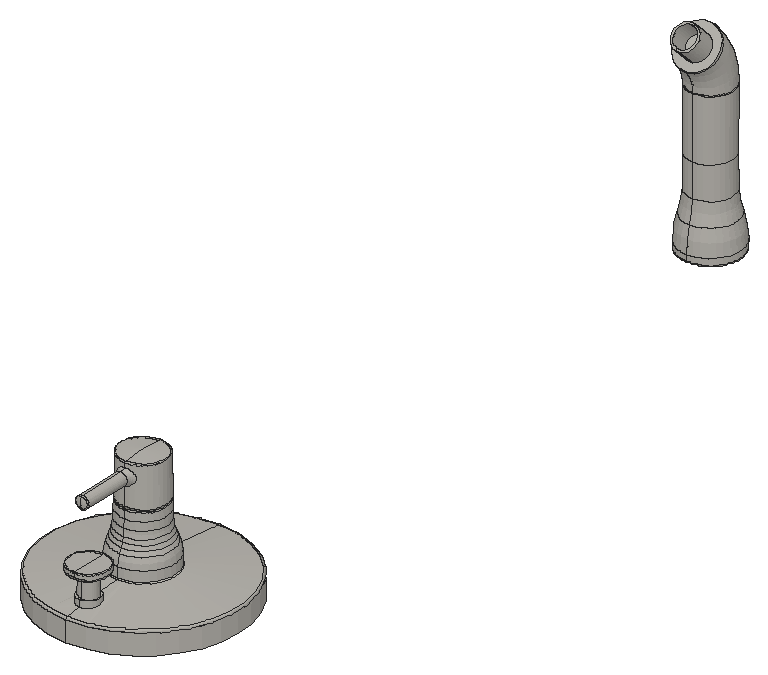
Revit family "Shower-Bath_and_Shower_Trim-KOHLER-Toobi-K-T8977", category Plumbing Fixtures, host Face, Revit 2015
Parameters (values of type "Without Showerhead-BN-Vibrant Brushed Nickel")
  Width = 6 1/2"  # constant formula
  WaterSense Certified = 1 = 1  # yes
  Waste Water Outlet = "Waste Water Outlet"  # constant formula
  Waste Connection = 1 = 0  # no
  Vent Connection = 1 = 0  # no
  URL = "https://www.us.kohler.com/us/"
  Type = 4
  Tempered Water Inlet 1 = "Tempered Water Inlet 1"  # constant formula
  Showerhead = or(Type = 1, Type = 2)  # no
  Shower distance [instance] = 24"
  Product Page URL = "http://www.us.kohler.com/us/catalog/productDetails.jsp?productNumber=T8977-4L"
  Product Name = "Toobi"  # constant formula
  Product Documentation Link = "https://www.us.kohler.com/webassets/kpna/catalog/pdf/en/K-T8977-4L_spec.pdf"
  Pressure = 80.00 psi  # constant formula
  Model = if(Type = 1, "K-T8977-4-CP", if(Type = 2, "K-T8977-4-BN", if(Type = 3, "K-T8977-4L-CP", if(Type = 4, "K-T8977-4L-BN", "NA"))))  # "K-T8977-4L-BN"
  Material = "Premium Material Construction "  # constant formula
  MasterFormat 2004 = "22.41.23"  # constant formula
  MasterFormat 1995 = "15410"  # constant formula
  Manufacturer Address = "444 Highland Dr, Kohler, WI 53044"  # constant formula
  Manufacturer = "KOHLER Co."  # constant formula
  Less Showerhead = or(Type = 3, Type = 4)  # yes
  Length [instance] = if(or(Less Showerhead), 6 15/16", 10")  # 6 15/16"
  Hot Water Inlet = "Hot Water Inlet"  # constant formula
  Height = 6 1/2"  # constant formula
  HW Connection = 1 = 1  # yes
  Flow Rate = 2 GPM  # constant formula
  Finish = Kohler-Metal-BN-Vibrant_Brushed_Nickel
  Environmental Product Declaration = ""
  Drain Included = 1 = 0  # no
  Description = if(or(Type = 1, Type = 2), "shower trim set with diverter, valve not included", if(or(Type = 3, Type = 4), "Rite-Temp shower trim set with push-button diverter, less showerhead", "NA"))  # "Rite-Temp shower trim set with push-button diverter, less showerhead"
  Default Elevation = 42"
  Declare Label = ""
  Date Modified = "3/22/2019"  # constant formula
  Date Created = "3/22/2019"  # constant formula
  Copyright = "Copyright KOHLER Co."  # constant formula
  Contact Us = "https://www.us.kohler.com/us/static/contact.jsp"
  Cold Water Inlet = "Cold Water Inlet"  # constant formula
  CW Connection = 1 = 0  # no
  Assembly Code = "D2010700"
  ADA Compliant = 1 = 0  # no
Reference planes (in)
  plane 1 "Center (Front/Back)": y = 0
  plane 2: z = 0
  plane 3 "Center (Left/Right)": x = 0
  plane 4: y = 24
  plane 5: y = 3.25
  plane 6: y = -3.25
  plane 7: y = 25
  plane 8: z = 6.9375
  plane 9: z = 6.9375
  plane 10: y = 23
  plane 11: y = 19.8125
  plane 12: y = 25
  plane 13: x = -3.25
  plane 14: x = 3.25
Dimensions and locks (in)
  "Shower distance": plane 1 "Center (Front/Back)" to plane 4
  "Height": plane 13 to plane 14
  "Width": plane 5 to plane 6
  "Length": level to plane 8
  equal spacing: plane 12, plane 4, plane 10
  locked: plane 12 to plane 10 at 2
  locked: plane 4 to plane 11 at 4.1875
  aligned and locked: plane 2 to host face
  aligned and locked: level to host face
  aligned and locked: plane 4 to nested 1
Automatic sketch dimensions
  host sketch curve to host sketch curve = 96"  (x2)
Nested families (in)
  nested 1: "K-T8977-Showerhead" at (0, 24, 0), type "K-T8975-Showerhead"
    with Showerhead no, Less Showerhead yes
  nested 2: "K-T8977-valve" at (0, 0, 0), type "K-T8975-valve"
Connectors (in)
  piping at (0, 24, 0), diameter 0.5, driven by "Flow Rate", driven by "Pressure", driven by "HW Connection", driven by "Tempered Water Inlet 1"
    settings: on nested 1, index 1, connector inside diameter 24", connector length 0", flow factor 0, pipe flow 2 GPM, pressure drop 80.00 psi, fitting loss kfactor 0, connector angle 0.00°, fixture units 0, engagement length 0", angle of deflection 0.00°, flow configuration 1, flow direction 1, fitting loss method 4, system type 19, joint type 0, gender type 0, connector reference index -1, connector utility 1, adjustable connector no, is connector primary yes, connector description "Tempered Water Inlet 1"
Definition of nested family "K-T8977-Showerhead"
  Parameters (values of type "K-T8975-Showerhead")
    Showerhead = yes
    Material = none
    Less Showerhead = no
  Reference planes (in)
    plane 1 "Center (Front/Back)": y = 0
    plane 2: z = 0
    plane 3 "Center (Left/Right)": x = 0
    plane 4: z = 6.9375
    plane 5: z = 10
    plane 6: y = -4.1875
    plane 7: y = 1
    plane 8 "a": through (0, -1.09663, 5.83259) normal (0, 0.7071, -0.7071)
    plane 9: through (0, -0.98071, 6.9375) normal (0, -0.7071, 0.7071)
    plane 10: y = -1
    plane 11: through (0, -4.1875, 10) normal (0, -0.7071, 0.7071)
    plane 12: y = -1.125
    plane 13: through (0, -1.125, 6.9375) normal (0, -0.7071, 0.7071)
  Forms (in)
    Revolve 1, solid, material <- "Material", detail levels medium+fine
      sketch origin (0, 0, 0) x (0, 1, 0) y (0, 0, 1)
        loop
          arc (0.97753, 0) -> (0.99269, 0.00622) -> (0.99912, 0.02128) r 0.0216
          arc (0.99912, 0.02128) -> (1.00032, 0.13243) -> (1.00067, 0.24359) r 14.78952
          arc (1.00067, 0.24359) -> (0.96785, 0.67096) -> (0.87059, 1.08842) r 2.81809
          arc (0.87059, 1.08842) -> (0.78286, 1.4526) -> (0.74579, 1.82536) r 2.73095
          arc (0.74579, 1.82536) -> (0.73462, 2.37844) -> (0.7348, 2.93163) r 26.93144
          arc (0.7348, 2.93163) -> (0.74304, 3.96794) -> (0.74579, 5.00427) r 195.423
          line (0.74579, 5.00427) -> (0, 5.00427) -> (0, 0) -> (0.97753, 0)
        axis (0, 5.00427) -> (0, 0)
      angle from 0 to 360
    Sweep 2, solid, material <- "Material", detail levels medium+fine
      path origin (0, 0, 0) x (0, 1, 0) y (0, 0, 1)
        loop
          line (0, 5.00427) -> (0, 5.03775)
          arc (0, 5.03775) -> (-0.13886, 5.73585) -> (-0.5343, 6.32767) r 1.82422
          line (-0.5343, 6.32767) -> (-0.56793, 6.3613)
      profile origin (0, 0, 5.02101) x (0, -1, 0) y (1, 0, 0)
        loop
          circle (0, 0) r 0.74579
    Extrusion 3, solid, material <- "Material", visible <- "Less Showerhead", detail levels medium+fine
      sketch origin (0, -3.46461, 3.46461) x (0, -0.707107, -0.707107) y (-1, 0, 0)
        loop
          circle (-4.09462, 0) r 0.44243
        loop
          circle (-4.09462, 0) r 0.37102
      from -0.69932 to 0.22831
    Extrusion 4, solid, material <- "Material", detail levels medium+fine
      sketch origin (0, 0, 0) x (1, 0, 0) y (0, 1, 0)
        loop
          circle (0, 0) r 0.25
      from 0 to 0.05
    Sweep 5, solid, material <- "Material", detail levels coarse
      path origin (0, 0, 0) x (0, 1, 0) y (0, 0, 1)
        loop
          line (0, 0) -> (0, 4.40368)
          arc (0, 4.40368) -> (-0.25489, 5.68509) -> (-0.98075, 6.77141) r 3.34847
          line (-0.98075, 6.77141) -> (-1.06377, 6.85444)
      profile origin (0, 0, 2.20184) x (0, -1, 0) y (1, 0, 0)
        loop
          circle (-0.00124, -0.00242) r 1
    Revolve 6, solid, material <- "Material", visible <- "Showerhead", detail levels medium+fine
      sketch origin (0, 0, 0) x (0, 1, 0) y (0, 0, 1)
        loop
          line (-5.37519, 8.81231) -> (-5.40723, 8.78027)
          arc (-5.40723, 8.78027) -> (-5.42492, 8.73729) -> (-5.40686, 8.69448) r 0.0604
          line (-5.40686, 8.69448) -> (-4.34663, 7.65266)
          arc (-4.34663, 7.65266) -> (-4.05904, 7.44385) -> (-3.72289, 7.32844) r 1.19996
          arc (-3.72289, 7.32844) -> (-3.35123, 7.2503) -> (-2.98396, 7.15358) r 7.55486
          arc (-2.98396, 7.15358) -> (-2.79895, 7.10428) -> (-2.61194, 7.06323) r 4.31326
          arc (-2.61194, 7.06323) -> (-2.32668, 6.96839) -> (-2.07444, 6.80487) r 1.18572
          arc (-2.07444, 6.80487) -> (-2.04713, 6.79551) -> (-2.0207, 6.8071) r 0.03971
          arc (-2.0207, 6.8071) -> (-1.91421, 6.91279) -> (-1.80691, 7.01767) r 19.76197
          arc (-1.80691, 7.01767) -> (-1.75154, 7.01364) -> (-1.69609, 7.0164) r 0.45372
          arc (-1.69609, 7.0164) -> (-1.63288, 6.98873) -> (-1.62524, 6.92015) r 0.069
          arc (-1.62524, 6.92015) -> (-1.64055, 6.79332) -> (-1.58327, 6.67912) r 0.22153
          arc (-1.58327, 6.67912) -> (-1.52892, 6.62257) -> (-1.47366, 6.56692) r 4.80756
          arc (-1.47366, 6.56692) -> (-1.51666, 6.52522) -> (-1.54457, 6.47222) r 0.19009
          line (-1.54457, 6.47222) -> (-1.59235, 6.33101) -> (-1.09528, 5.83394) -> (-0.56793, 6.3613) -> (-3.09815, 8.89152) -> (-4.27627, 7.7134) -> (-5.37519, 8.81231)
        axis (-0.56793, 6.3613) -> (-4.19707, 9.99043)
      angle from 0 to 360
    Extrusion 7, void, detail levels medium+fine
      sketch origin (0, -3.54195, 3.38727) x (0, -0.707107, -0.707107) y (-1, 0, 0)
        loop
          circle (-4.21439, 0.04675) r 0.14112
        loop
          circle (-4.21439, -0.45325) r 0.14112
        loop
          circle (-4.21439, -0.95325) r 0.14112
        loop
          circle (-4.21439, 0.54675) r 0.14112
        loop
          circle (-4.21439, 1.04675) r 0.14112
        loop
          circle (-4.62822, -0.45325) r 0.14112
        loop
          circle (-4.62822, -0.95325) r 0.14112
        loop
          circle (-4.62822, 0.54675) r 0.14112
        loop
          circle (-4.62822, 1.04675) r 0.14112
        loop
          circle (-5.12822, -0.45325) r 0.14112
        loop
          circle (-5.12822, 0.54675) r 0.14112
        loop
          circle (-3.78858, -0.45325) r 0.14112
        loop
          circle (-3.78858, -0.95325) r 0.14112
        loop
          circle (-3.78858, 0.54675) r 0.14112
        loop
          circle (-3.78858, 1.04675) r 0.14112
        loop
          circle (-3.3385, -0.50055) r 0.14112
        loop
          circle (-3.3385, 0.49945) r 0.14112
        loop
          circle (-4.59127, 0.04675) r 0.14112
        loop
          circle (-5.09127, 0.04675) r 0.14112
        loop
          circle (-3.7514, 0.04675) r 0.14112
        loop
          circle (-3.2973, 0.04675) r 0.14112
        loop
          circle (-2.99613, -0.50055) r 0.14112
        loop
          circle (-2.99613, 0.49945) r 0.14112
        loop
          circle (-2.95492, 0.04675) r 0.14112
        loop
          circle (-5.55427, -0.41122) r 0.14112
        loop
          circle (-5.55427, 0.58878) r 0.14112
        loop
          circle (-5.51307, 0.13608) r 0.14112
      from -4.64839 to -3.20044
    Revolve 8, solid, material <- "Material", visible <- "Showerhead", detail levels coarse
      sketch origin (0, 0, 0) x (0, 1, 0) y (0, 0, 1)
        loop
          line (-1.17056, 5.74304) -> (-0.56012, 6.35348) -> (-4.19707, 9.99043) -> (-5.37519, 8.81231) -> (-5.40723, 8.78027)
          arc (-5.40723, 8.78027) -> (-5.42492, 8.73729) -> (-5.40686, 8.69448) r 0.0604
          line (-5.40686, 8.69448) -> (-4.34663, 7.65266)
          arc (-4.34663, 7.65266) -> (-4.05904, 7.44385) -> (-3.72289, 7.32844) r 1.19996
          arc (-3.72289, 7.32844) -> (-3.35123, 7.2503) -> (-2.98396, 7.15358) r 7.55486
          arc (-2.98396, 7.15358) -> (-2.25439, 6.80633) -> (-1.67287, 6.24534) r 2.51099
          line (-1.67287, 6.24534) -> (-1.17056, 5.74304)
        axis (-4.19707, 9.99043) -> (-0.56012, 6.35348)
      angle from 0 to 360
  Cuts and joins
    joined: Revolve 1, Sweep 2
    Extrusion 7 cuts Revolve 6
    Extrusion 7 cuts Extrusion 3
  Lines and regions (in)
    Masking region 1, visible <- "Less Showerhead"
      outline origin (0, 0, 0) x (1, 0, 0) y (0, 1, 0)
        loop
          spline (0.44258, -0.99373) -> (0.47737, -0.97445) -> (0.51047, -0.95374) -> (0.54179, -0.93168) -> (0.5712, -0.90835) -> (0.5986, -0.88382) -> (0.62391, -0.8582) -> (0.64702, -0.83155) -> (0.66785, -0.80399) -> (0.68634, -0.7756) -> (0.70243, -0.74648) -> (0.71604, -0.71675) -> (0.72714, -0.68649)
          arc (0.72714, -0.68649) -> (0, 1) -> (-0.72714, -0.68649) r 1
          spline (-0.72714, -0.68649) -> (-0.71604, -0.71675) -> (-0.70243, -0.74648) -> (-0.68634, -0.7756) -> (-0.66785, -0.80399) -> (-0.64702, -0.83155) -> (-0.62391, -0.8582) -> (-0.5986, -0.88382) -> (-0.5712, -0.90835) -> (-0.54179, -0.93168) -> (-0.51047, -0.95374) -> (-0.47737, -0.97445) -> (-0.44258, -0.99373)
          line (-0.44258, -0.99373) -> (-0.44258, -1.05423)
          arc (-0.44258, -1.05423) -> (-0.41311, -1.17665) -> (-0.33114, -1.27223) r 0.26893
          arc (-0.33114, -1.27223) -> (-0.174, -1.35116) -> (0, -1.37662) r 0.55144
          arc (0, -1.37662) -> (0.174, -1.35116) -> (0.33114, -1.27223) r 0.55144
          arc (0.33114, -1.27223) -> (0.41311, -1.17665) -> (0.44258, -1.05423) r 0.26893
          line (0.44258, -1.05423) -> (0.44258, -0.99373)
    Masking region 2, visible <- "Less Showerhead"
      outline origin (0, 0, 0) x (1, 0, 0) y (0, 1, 0)
        loop
          spline (-0.44243, -1.06377) -> (-0.43864, -1.10461) -> (-0.42735, -1.14474) -> (-0.40875, -1.18349) -> (-0.38315, -1.22019) -> (-0.351, -1.25422) -> (-0.31284, -1.28499) -> (-0.26933, -1.31197) -> (-0.22121, -1.3347) -> (-0.16931, -1.3528) -> (-0.11451, -1.36596) -> (-0.05775, -1.37394) -> (0, -1.37662)
          spline (0, -1.37662) -> (0.05775, -1.37394) -> (0.11451, -1.36596) -> (0.16931, -1.3528) -> (0.22121, -1.3347) -> (0.26933, -1.31197) -> (0.31284, -1.28499) -> (0.351, -1.25422) -> (0.38315, -1.22019) -> (0.40875, -1.18349) -> (0.42735, -1.14474) -> (0.43864, -1.10461) -> (0.44243, -1.06377)
          line (0.44243, -1.06377) -> (0.44243, -0.44338)
          spline (0.44243, -0.44338) -> (0.42735, -0.36241) -> (0.38315, -0.28696) -> (0.31284, -0.22217) -> (0.22121, -0.17245) -> (0.11451, -0.1412) -> (0, -0.13054) -> (-0.11451, -0.1412) -> (-0.22121, -0.17245) -> (-0.31284, -0.22217) -> (-0.38315, -0.28696) -> (-0.42735, -0.36241) -> (-0.44243, -0.44338)
          line (-0.44243, -0.44338) -> (-0.44243, -1.06377)
    Masking region 3, visible <- "Less Showerhead"
      outline origin (0, 0, 0) x (0, 1, 0) y (0, 0, 1)
        loop
          line (-0.82307, 7.23943) -> (-1.44876, 6.61374) -> (-0.88212, 6.0471) -> (-1.10049, 5.82874)
          arc (-1.10049, 5.82874) -> (-0.84386, 5.4515) -> (-0.7536, 5.00427) r 1.15324
          arc (-0.7536, 5.00427) -> (-0.75086, 3.96794) -> (-0.74261, 2.93163) r 195.423
          arc (-0.74261, 2.93163) -> (-0.74243, 2.37844) -> (-0.7536, 1.82536) r 26.93144
          arc (-0.7536, 1.82536) -> (-0.77537, 1.45374) -> (-0.86901, 1.09346) r 1.90448
          arc (-0.86901, 1.09346) -> (-0.96526, 0.7409) -> (-1, 0.37709) r 2.13608
          arc (-1, 0.37709) -> (-1.00063, 0.19918) -> (-0.99912, 0.02128) r 14.78952
          arc (-0.99912, 0.02128) -> (-0.99269, 0.00622) -> (-0.97753, 0) r 0.0216
          line (-0.97753, 0) -> (0, 0) -> (0.97753, 0)
          arc (0.97753, 0) -> (0.99269, 0.00622) -> (0.99912, 0.02128) r 0.0216
          arc (0.99912, 0.02128) -> (1.00063, 0.19918) -> (1, 0.37709) r 14.78952
          arc (1, 0.37709) -> (0.96527, 0.7408) -> (0.86907, 1.09328) r 2.13608
          arc (0.86907, 1.09328) -> (0.77542, 1.45366) -> (0.7536, 1.82536) r 1.90624
          arc (0.7536, 1.82536) -> (0.74243, 2.37844) -> (0.74261, 2.93163) r 26.93144
          arc (0.74261, 2.93163) -> (0.7505, 3.90234) -> (0.75356, 4.87307) r 195.423
          arc (0.75356, 4.87307) -> (0.75031, 5.04393) -> (0.74032, 5.21453) r 4.33484
          arc (0.74032, 5.21453) -> (0.5058, 6.12415) -> (-0.04192, 6.8873) r 2.55208
          line (-0.04192, 6.8873) -> (-0.25643, 6.67279) -> (-0.82307, 7.23943)
    Masking region 4, visible <- "Less Showerhead"
      outline origin (0, 0, 0) x (1, 0, 0) y (0, 0, 1)
        loop
          spline (0.43312, 6.79061) -> (0.44173, 6.83683) -> (0.44052, 6.88345) -> (0.42953, 6.92942) -> (0.409, 6.97373) -> (0.37938, 7.01539) -> (0.34134, 7.05347) -> (0.29571, 7.08714) -> (0.24352, 7.11563) -> (0.18592, 7.13832) -> (0.12418, 7.15471) -> (0.05969, 7.16442) -> (-0.00613, 7.16725)
          spline (-0.00613, 7.16725) -> (-0.0708, 7.16325) -> (-0.13395, 7.1526) -> (-0.19421, 7.13553) -> (-0.2503, 7.11241) -> (-0.30099, 7.08373) -> (-0.3452, 7.05011) -> (-0.38198, 7.01228) -> (-0.41054, 6.97106) -> (-0.43025, 6.92732) -> (-0.44071, 6.88201) -> (-0.44167, 6.83611) -> (-0.43312, 6.79061)
          spline (-0.43312, 6.79061) -> (-0.47983, 6.76501) -> (-0.52353, 6.73688) -> (-0.56394, 6.70638) -> (-0.60082, 6.67373) -> (-0.63391, 6.63911) -> (-0.66303, 6.60274) -> (-0.68799, 6.56486) -> (-0.70862, 6.52571) -> (-0.72481, 6.48552) -> (-0.73644, 6.44454) -> (-0.74345, 6.40305) -> (-0.74579, 6.3613)
          line (-0.74579, 6.3613) -> (-0.74579, 5.00427)
          arc (-0.74579, 5.00427) -> (-0.74304, 3.96794) -> (-0.7348, 2.93163) r 195.423
          arc (-0.7348, 2.93163) -> (-0.73462, 2.37844) -> (-0.74579, 1.82536) r 26.93144
          arc (-0.74579, 1.82536) -> (-0.78286, 1.4526) -> (-0.87059, 1.08842) r 2.73095
          arc (-0.87059, 1.08842) -> (-0.96785, 0.67096) -> (-1.00067, 0.24359) r 2.81809
          arc (-1.00067, 0.24359) -> (-1.00032, 0.13243) -> (-0.99912, 0.02128) r 14.78952
          arc (-0.99912, 0.02128) -> (-0.99269, 0.00622) -> (-0.97753, 0) r 0.0216
          line (-0.97753, 0) -> (0, 0) -> (0.97753, 0)
          arc (0.97753, 0) -> (0.99269, 0.00622) -> (0.99912, 0.02128) r 0.0216
          arc (0.99912, 0.02128) -> (1.00032, 0.13243) -> (1.00067, 0.24359) r 14.78952
          arc (1.00067, 0.24359) -> (0.96785, 0.67096) -> (0.87059, 1.08842) r 2.81809
          arc (0.87059, 1.08842) -> (0.78286, 1.4526) -> (0.74579, 1.82536) r 2.73095
          arc (0.74579, 1.82536) -> (0.73462, 2.37844) -> (0.7348, 2.93163) r 26.93144
          arc (0.7348, 2.93163) -> (0.74304, 3.96794) -> (0.74579, 5.00427) r 195.423
          line (0.74579, 5.00427) -> (0.74579, 6.3613)
          spline (0.74579, 6.3613) -> (0.74345, 6.40305) -> (0.73644, 6.44454) -> (0.72481, 6.48552) -> (0.70862, 6.52571) -> (0.68799, 6.56486) -> (0.66303, 6.60274) -> (0.63391, 6.63911) -> (0.60082, 6.67373) -> (0.56394, 6.70638) -> (0.52353, 6.73688) -> (0.47983, 6.76501) -> (0.43312, 6.79061)
    Masking region 5, visible <- "Showerhead"
      outline origin (0, 0, 0) x (0, 1, 0) y (0, 0, 1)
        loop
          line (-1.08758, 5.82354) -> (-1.59303, 6.32899) -> (-1.54457, 6.47222)
          arc (-1.54457, 6.47222) -> (-1.51666, 6.52522) -> (-1.47366, 6.56692) r 0.19009
          arc (-1.47366, 6.56692) -> (-1.52892, 6.62257) -> (-1.58327, 6.67912) r 4.80756
          arc (-1.58327, 6.67912) -> (-1.64055, 6.79332) -> (-1.62524, 6.92015) r 0.22153
          arc (-1.62524, 6.92015) -> (-1.63288, 6.98873) -> (-1.69609, 7.0164) r 0.069
          arc (-1.69609, 7.0164) -> (-1.75154, 7.01364) -> (-1.80691, 7.01767) r 0.45372
          arc (-1.80691, 7.01767) -> (-1.91421, 6.91279) -> (-2.0207, 6.8071) r 19.76197
          arc (-2.0207, 6.8071) -> (-2.04713, 6.79551) -> (-2.07444, 6.80487) r 0.03971
          arc (-2.07444, 6.80487) -> (-2.32668, 6.96839) -> (-2.61194, 7.06323) r 1.18572
          arc (-2.61194, 7.06323) -> (-2.79895, 7.10428) -> (-2.98396, 7.15358) r 4.31326
          arc (-2.98396, 7.15358) -> (-3.35123, 7.2503) -> (-3.72289, 7.32844) r 7.55486
          arc (-3.72289, 7.32844) -> (-4.05904, 7.44385) -> (-4.34663, 7.65266) r 1.19996
          line (-4.34663, 7.65266) -> (-5.40686, 8.69448)
          arc (-5.40686, 8.69448) -> (-5.42492, 8.73729) -> (-5.40723, 8.78027) r 0.0604
          line (-5.40723, 8.78027) -> (-2.9869, 11.2006)
          arc (-2.9869, 11.2006) -> (-2.94393, 11.21829) -> (-2.90111, 11.20022) r 0.0604
          line (-2.90111, 11.20022) -> (-1.8593, 10.14)
          arc (-1.8593, 10.14) -> (-1.65049, 9.8524) -> (-1.53507, 9.51626) r 1.19996
          arc (-1.53507, 9.51626) -> (-1.45693, 9.14459) -> (-1.36021, 8.77733) r 7.55486
          arc (-1.36021, 8.77733) -> (-1.31091, 8.59232) -> (-1.26986, 8.40531) r 4.31326
          arc (-1.26986, 8.40531) -> (-1.17503, 8.12005) -> (-1.0115, 7.8678) r 1.18572
          arc (-1.0115, 7.8678) -> (-1.00214, 7.8405) -> (-1.01374, 7.81407) r 0.03971
          arc (-1.01374, 7.81407) -> (-1.11943, 7.70757) -> (-1.2243, 7.60028) r 19.76197
          arc (-1.2243, 7.60028) -> (-1.22027, 7.54491) -> (-1.22303, 7.48946) r 0.45372
          arc (-1.22303, 7.48946) -> (-1.19536, 7.42625) -> (-1.12679, 7.41861) r 0.069
          arc (-1.12679, 7.41861) -> (-0.99995, 7.43392) -> (-0.88575, 7.37664) r 0.22153
          arc (-0.88575, 7.37664) -> (-0.8292, 7.32229) -> (-0.77355, 7.26702) r 4.80756
          arc (-0.77355, 7.26702) -> (-0.73186, 7.31003) -> (-0.67885, 7.33793) r 0.19009
          line (-0.67885, 7.33793) -> (-0.53562, 7.3864) -> (0.00086, 6.84992)
        loop
          arc (-0.0014, 6.84767) -> (0.51766, 6.09841) -> (0.74032, 5.21453) r 2.55208
          arc (0.74032, 5.21453) -> (0.75031, 5.04393) -> (0.75356, 4.87307) r 4.33484
          arc (0.75356, 4.87307) -> (0.7505, 3.90234) -> (0.74261, 2.93163) r 195.423
          arc (0.74261, 2.93163) -> (0.74243, 2.37844) -> (0.7536, 1.82536) r 26.93144
          arc (0.7536, 1.82536) -> (0.77542, 1.45366) -> (0.86907, 1.09328) r 1.90624
          arc (0.86907, 1.09328) -> (0.96527, 0.7408) -> (1, 0.37709) r 2.13608
          arc (1, 0.37709) -> (1.00063, 0.19918) -> (0.99912, 0.02128) r 14.78952
          arc (0.99912, 0.02128) -> (0.99269, 0.00622) -> (0.97753, 0) r 0.0216
          line (0.97753, 0) -> (0, 0) -> (-0.97753, 0)
          arc (-0.97753, 0) -> (-0.99269, 0.00622) -> (-0.99912, 0.02128) r 0.0216
          arc (-0.99912, 0.02128) -> (-1.00063, 0.19918) -> (-1, 0.37709) r 14.78952
          arc (-1, 0.37709) -> (-0.96526, 0.7409) -> (-0.86901, 1.09346) r 2.13608
          arc (-0.86901, 1.09346) -> (-0.77537, 1.45374) -> (-0.7536, 1.82536) r 1.90448
          arc (-0.7536, 1.82536) -> (-0.74243, 2.37844) -> (-0.74261, 2.93163) r 26.93144
          arc (-0.74261, 2.93163) -> (-0.75086, 3.96794) -> (-0.7536, 5.00427) r 195.423
          arc (-0.7536, 5.00427) -> (-0.84139, 5.4456) -> (-1.09138, 5.81973) r 1.15324
    Masking region 6, visible <- "Showerhead"
      outline origin (0, 0, 0) x (1, 0, 0) y (0, 0, 1)
        loop
          spline (0.74579, 6.89545) -> (0.74368, 6.91243) -> (0.7408, 6.92935) -> (0.73715, 6.9462) -> (0.73273, 6.96295) -> (0.72756, 6.97959) -> (0.72162, 6.99611) -> (0.71494, 7.01249) -> (0.70751, 7.0287) -> (0.69935, 7.04474) -> (0.69046, 7.06058) -> (0.68085, 7.07621) -> (0.67054, 7.09161)
          arc (0.67054, 7.09161) -> (0.73177, 7.20651) -> (0.75922, 7.33377) r 0.47117
          arc (0.75922, 7.33377) -> (0.89252, 7.44969) -> (1.01762, 7.5744) r 2.59546
          arc (1.01762, 7.5744) -> (1.15774, 7.69541) -> (1.29707, 7.81732) r 28.43463
          arc (1.29707, 7.81732) -> (1.56183, 8.17053) -> (1.72107, 8.58224) r 1.61493
          arc (1.72107, 8.58224) -> (1.75364, 8.77979) -> (1.75894, 8.97993) r 1.46246
          arc (1.75894, 8.97993) -> (1.77274, 9.48987) -> (1.77014, 10) r 15.8572
          arc (1.77014, 10) -> (1.67558, 10.38959) -> (1.42602, 10.70333) r 0.93136
          arc (1.42602, 10.70333) -> (-0.00253, 11.21022) -> (-1.43109, 10.70333) r 2.2665
          arc (-1.43109, 10.70333) -> (-1.67704, 10.38851) -> (-1.77014, 10) r 0.94058
          arc (-1.77014, 10) -> (-1.77274, 9.48987) -> (-1.75894, 8.97993) r 15.8572
          arc (-1.75894, 8.97993) -> (-1.75364, 8.77979) -> (-1.72107, 8.58224) r 1.46246
          arc (-1.72107, 8.58224) -> (-1.56183, 8.17053) -> (-1.29707, 7.81732) r 1.61493
          arc (-1.29707, 7.81732) -> (-1.15774, 7.69541) -> (-1.01762, 7.5744) r 28.43463
          arc (-1.01762, 7.5744) -> (-0.89176, 7.44898) -> (-0.75761, 7.33247) r 2.59546
          arc (-0.75761, 7.33247) -> (-0.731, 7.2065) -> (-0.66915, 7.09359) r 0.44109
          spline (-0.66915, 7.09359) -> (-0.67967, 7.07805) -> (-0.68946, 7.06227) -> (-0.69852, 7.04628) -> (-0.70683, 7.03009) -> (-0.7144, 7.01372) -> (-0.72121, 6.99718) -> (-0.72726, 6.98049) -> (-0.73253, 6.96367) -> (-0.73702, 6.94674) -> (-0.74073, 6.92971) -> (-0.74366, 6.91261) -> (-0.74579, 6.89545)
          line (-0.74579, 6.89545) -> (-0.74579, 6.35995) -> (-0.74579, 5.00427)
          arc (-0.74579, 5.00427) -> (-0.74304, 3.96794) -> (-0.7348, 2.93163) r 195.423
          arc (-0.7348, 2.93163) -> (-0.73462, 2.37844) -> (-0.74579, 1.82536) r 26.93144
          arc (-0.74579, 1.82536) -> (-0.78286, 1.4526) -> (-0.87059, 1.08842) r 2.73095
          arc (-0.87059, 1.08842) -> (-0.96785, 0.67096) -> (-1.00067, 0.24359) r 2.81809
          arc (-1.00067, 0.24359) -> (-1.00032, 0.13243) -> (-0.99912, 0.02128) r 14.78952
          arc (-0.99912, 0.02128) -> (-0.99269, 0.00622) -> (-0.97753, 0) r 0.0216
          line (-0.97753, 0) -> (0, 0) -> (0.97753, 0)
          arc (0.97753, 0) -> (0.99269, 0.00622) -> (0.99912, 0.02128) r 0.0216
          arc (0.99912, 0.02128) -> (1.00032, 0.13243) -> (1.00067, 0.24359) r 14.78952
          arc (1.00067, 0.24359) -> (0.96785, 0.67096) -> (0.87059, 1.08842) r 2.81809
          arc (0.87059, 1.08842) -> (0.78286, 1.4526) -> (0.74579, 1.82536) r 2.73095
          arc (0.74579, 1.82536) -> (0.73462, 2.37844) -> (0.7348, 2.93163) r 26.93144
          arc (0.7348, 2.93163) -> (0.74304, 3.96794) -> (0.74579, 5.00427) r 195.423
          line (0.74579, 5.00427) -> (0.74579, 6.35995) -> (0.74579, 6.89545)
    Masking region 7, visible <- "Showerhead"
      outline origin (0, 0, 0) x (1, 0, 0) y (0, 1, 0)
        loop
          line (0.74579, -1) -> (0.74579, -0.66618)
          arc (0.74579, -0.66618) -> (0, 1) -> (-0.74579, -0.66618) r 1
          line (-0.74579, -0.66618) -> (-0.74579, -1)
          arc (-0.74579, -1) -> (-0.73673, -1.15676) -> (-0.6702, -1.29898) r 0.41585
          arc (-0.6702, -1.29898) -> (-0.72766, -1.41109) -> (-0.7557, -1.5339) r 0.50699
          arc (-0.7557, -1.5339) -> (-0.86156, -1.62595) -> (-0.9595, -1.72637) r 1.70605
          arc (-0.9595, -1.72637) -> (-1.00961, -1.77864) -> (-1.06302, -1.82752) r 1.11053
          arc (-1.06302, -1.82752) -> (-1.08369, -1.84571) -> (-1.10535, -1.86271) r 0.49188
          arc (-1.10535, -1.86271) -> (-1.14967, -1.89656) -> (-1.19296, -1.93172) r 1.8791
          arc (-1.19296, -1.93172) -> (-1.60923, -2.47056) -> (-1.76142, -3.13424) r 1.58722
          line (-1.76142, -3.13424) -> (-1.76654, -3.68752) -> (-1.77001, -4.06369)
          arc (-1.77001, -4.06369) -> (-1.56269, -4.75287) -> (-1.00113, -5.20299) r 1.21199
          arc (-1.00113, -5.20299) -> (-0.51382, -5.37349) -> (0, -5.4239) r 2.1674
          arc (0, -5.4239) -> (0.51382, -5.37349) -> (1.00113, -5.20299) r 2.1674
          arc (1.00113, -5.20299) -> (1.56269, -4.75287) -> (1.77001, -4.06369) r 1.21199
          line (1.77001, -4.06369) -> (1.76654, -3.68752) -> (1.76142, -3.13424)
          arc (1.76142, -3.13424) -> (1.60923, -2.47056) -> (1.19296, -1.93172) r 1.58722
          arc (1.19296, -1.93172) -> (1.14967, -1.89656) -> (1.10535, -1.86271) r 1.8791
          arc (1.10535, -1.86271) -> (1.08369, -1.84571) -> (1.06302, -1.82752) r 0.49188
          arc (1.06302, -1.82752) -> (1.00961, -1.77864) -> (0.9595, -1.72637) r 1.11053
          arc (0.9595, -1.72637) -> (0.86156, -1.62595) -> (0.7557, -1.5339) r 1.70605
          arc (0.7557, -1.5339) -> (0.72766, -1.41109) -> (0.6702, -1.29898) r 0.50699
          arc (0.6702, -1.29898) -> (0.73673, -1.15676) -> (0.74579, -1) r 0.41585
    symbolic lines, detail levels medium+fine
      curve 1: line (0, 0.98191, 0.37709) -> (0, -0.98191, 0.37709)
      curve 2: line (0, 0.74579, 1.82536) -> (0, -0.74579, 1.82536)
      curve 3: line (1.00067, 0, 0.24359) -> (-1.00067, 0, 0.24359)
      curve 4: line (0.79189, 0, 1.40215) -> (-0.79189, 0, 1.40215)
      curve 5: spline (0, -0.04192, 0) -> (-0.09735, -0.04644, 0) -> (-0.19303, -0.05989, 0) -> (-0.2854, -0.08207, 0) -> (-0.3729, -0.11258, 0) -> (-0.45401, -0.1509, 0) -> (-0.52735, -0.19638, 0) -> (-0.59168, -0.24824, 0) -> (-0.64587, -0.3056, 0) -> (-0.68902, -0.36747, 0) -> (-0.72038, -0.43279, 0) -> (-0.73941, -0.50044, 0) -> (-0.74579, -0.56928, 0)
      curve 6: spline (0.74579, -0.56928, 0) -> (0.73941, -0.50044, 0) -> (0.72038, -0.43279, 0) -> (0.68902, -0.36747, 0) -> (0.64587, -0.3056, 0) -> (0.59168, -0.24824, 0) -> (0.52735, -0.19638, 0) -> (0.45401, -0.1509, 0) -> (0.3729, -0.11258, 0) -> (0.2854, -0.08207, 0) -> (0.19303, -0.05989, 0) -> (0.09735, -0.04644, 0) -> (0, -0.04192, 0)
      curve 7: line (0.74579, -0.56928, 0) -> (0.74579, 0, 0)
      curve 8: line (-0.74579, -0.56928, 0) -> (-0.77563, 0, 0)
      curve 33: arc (0.74579, 0, 0) -> (-0.01492, 0.76071, 0) -> (-0.77563, 0, 0) r 0.76071
      curve 60: line (0.74579, -0.56928, 0) -> (0.74579, -0.66618, 0)
      curve 61: line (-0.74579, -0.56928, 0) -> (-0.74579, -0.66618, 0)
    symbolic lines, visible <- "Less Showerhead", detail levels medium+fine
      curve 9: spline (0, -1.32613, 0) -> (-0.09603, -1.31719, 0) -> (-0.18551, -1.29098, 0) -> (-0.26235, -1.24928, 0) -> (-0.32132, -1.19495, 0) -> (-0.35838, -1.13167, 0) -> (-0.37102, -1.06377, 0) -> (-0.35838, -0.99587, 0) -> (-0.32132, -0.93259, 0) -> (-0.26235, -0.87826, 0) -> (-0.18551, -0.83657, 0) -> (-0.09603, -0.81036, 0) -> (0, -0.80142, 0)
      curve 10: spline (0, -0.80142, 0) -> (0.09603, -0.81036, 0) -> (0.18551, -0.83657, 0) -> (0.26235, -0.87826, 0) -> (0.32132, -0.93259, 0) -> (0.35838, -0.99587, 0) -> (0.37102, -1.06377, 0) -> (0.35838, -1.13167, 0) -> (0.32132, -1.19495, 0) -> (0.26235, -1.24928, 0) -> (0.18551, -1.29098, 0) -> (0.09603, -1.31719, 0) -> (0, -1.32613, 0)
      curve 11: line (0, -0.32997, 6.74633) -> (0, -0.95566, 6.12064)
      curve 12: line (0, -0.42562, 6.84198) -> (0, -1.05131, 6.21629)
      curve 13: line (0, -0.52114, 6.9375) -> (0, -1.14683, 6.31181)
      curve 14: line (0, -0.61201, 7.02836) -> (0, -1.2377, 6.40268)
      curve 62: line (0, -0.88212, 6.0471) -> (0, -0.25643, 6.67279)
      curve 63: arc (-0.27556, 0, 6.84935) -> (0.04672, 0, 6.88776) -> (0.36387, 0, 6.81885) r 0.98035
      curve 64: arc (-0.43312, 0, 6.79061) -> (-0.3554, 0, 6.82281) -> (-0.27556, 0, 6.84935) r 1.16952
      curve 65: arc (0.36387, 0, 6.81885) -> (0.39854, 0, 6.80485) -> (0.43312, 0, 6.79061) r 5.37977
    symbolic lines, visible <- "Showerhead", detail levels medium+fine
      curve 15: line (0, -0.77355, 7.26702) -> (0, -1.47366, 6.56692)
      curve 16: line (0, -1.12679, 7.41861) -> (0, -1.62524, 6.92015)
      curve 17: line (0, -1.22303, 7.48946) -> (0, -1.69609, 7.0164)
      curve 18: line (0, -1.80691, 7.01767) -> (0, -1.2243, 7.60028)
      curve 19: line (0, -1.8593, 10.14) -> (0, -4.34663, 7.65266)
      curve 20: line (0, -0.53562, 7.3864) -> (0, -1.59303, 6.32899)
      curve 21: line (0, -1.22856, 7.16556) -> (0, -1.05179, 6.98879)
      curve 22: line (0, -1.19542, 6.84515) -> (0, -1.37219, 7.02193)
      curve 23: arc (0, -1.37219, 7.02193) -> (0, -1.37219, 7.16556) -> (0, -1.22856, 7.16556) r 0.10156
      curve 24: line (0, -1.28381, 6.93354) -> (0, -1.56131, 6.65604)
      curve 25: line (0, -1.14018, 7.07717) -> (0, -0.86268, 7.35467)
      curve 26: spline (0.67054, 0, 7.09161) -> (0.63703, 0, 7.1345) -> (0.59806, 0, 7.17501) -> (0.55395, 0, 7.2128) -> (0.50508, 0, 7.24754) -> (0.45187, 0, 7.27892) -> (0.39478, 0, 7.30669) -> (0.3343, 0, 7.33061) -> (0.27096, 0, 7.35046) -> (0.20528, 0, 7.36608) -> (0.13784, 0, 7.37734) -> (0.06922, 0, 7.38413) -> (0, 0, 7.3864)
      curve 27: spline (0, 0, 7.3864) -> (-0.06896, 0, 7.38415) -> (-0.13733, 0, 7.3774) -> (-0.20453, 0, 7.36623) -> (-0.26999, 0, 7.35073) -> (-0.33314, 0, 7.33102) -> (-0.39346, 0, 7.30728) -> (-0.45042, 0, 7.2797) -> (-0.50354, 0, 7.24853) -> (-0.55237, 0, 7.21402) -> (-0.5965, 0, 7.17648) -> (-0.63553, 0, 7.13622) -> (-0.66915, 0, 7.09359)
      curve 28: spline (0, 0, 7.60028) -> (-0.05377, 0, 7.59779) -> (-0.10662, 0, 7.59035) -> (-0.15765, 0, 7.5781) -> (-0.20598, 0, 7.56125) -> (-0.25079, 0, 7.54008) -> (-0.2913, 0, 7.51496) -> (-0.32683, 0, 7.48631) -> (-0.35677, 0, 7.45463) -> (-0.38061, 0, 7.42045) -> (-0.39793, 0, 7.38437) -> (-0.40844, 0, 7.347) -> (-0.41196, 0, 7.30898)
      curve 29: spline (0.41196, 0, 7.30898) -> (0.40844, 0, 7.347) -> (0.39793, 0, 7.38437) -> (0.38061, 0, 7.42045) -> (0.35677, 0, 7.45463) -> (0.32683, 0, 7.48631) -> (0.2913, 0, 7.51496) -> (0.25079, 0, 7.54008) -> (0.20598, 0, 7.56125) -> (0.15765, 0, 7.5781) -> (0.10662, 0, 7.59035) -> (0.05377, 0, 7.59779) -> (0, 0, 7.60028)
      curve 30: arc (0.3361, 0, 7.32997) -> (-0.00008, 0, 7.43679) -> (-0.33625, 0, 7.32992) r 0.58229
      curve 31: arc (0.41457, 0, 7.29769) -> (0.41262, 0, 7.30318) -> (0.41196, 0, 7.30898) r 0.02576
      curve 32: arc (-0.41196, 0, 7.30898) -> (-0.41216, 0, 7.30375) -> (-0.41274, 0, 7.29855) r 0.07061
      curve 34: spline (0, -0.53562, 0) -> (-0.12675, -0.54327, 0) -> (-0.24984, -0.56601, 0) -> (-0.36569, -0.60317, 0) -> (-0.47095, -0.65368, 0) -> (-0.56258, -0.71608, 0) -> (-0.63793, -0.78855, 0) -> (-0.69481, -0.86902, 0) -> (-0.73158, -0.95513, 0) -> (-0.74717, -1.0444, 0) -> (-0.74113, -1.13426, 0) -> (-0.71364, -1.22208, 0) -> (-0.66549, -1.30535, 0)
      curve 35: spline (0.66549, -1.30535, 0) -> (0.71364, -1.22208, 0) -> (0.74113, -1.13426, 0) -> (0.74717, -1.0444, 0) -> (0.73158, -0.95513, 0) -> (0.69481, -0.86902, 0) -> (0.63793, -0.78855, 0) -> (0.56258, -0.71608, 0) -> (0.47095, -0.65368, 0) -> (0.36569, -0.60317, 0) -> (0.24984, -0.56601, 0) -> (0.12675, -0.54327, 0) -> (0, -0.53562, 0)
      curve 36: spline (0, -0.77355, 0) -> (-0.06461, -0.77654, 0) -> (-0.12812, -0.78548, 0) -> (-0.18943, -0.80019, 0) -> (-0.24751, -0.82044, 0) -> (-0.30135, -0.84588, 0) -> (-0.35003, -0.87606, 0) -> (-0.39273, -0.91049, 0) -> (-0.42871, -0.94855, 0) -> (-0.45735, -0.98962, 0) -> (-0.47817, -1.03297, 0) -> (-0.49081, -1.07787, 0) -> (-0.49505, -1.12356, 0)
      curve 37: spline (0.49505, -1.12356, 0) -> (0.49081, -1.07787, 0) -> (0.47817, -1.03297, 0) -> (0.45735, -0.98962, 0) -> (0.42871, -0.94855, 0) -> (0.39273, -0.91049, 0) -> (0.35003, -0.87606, 0) -> (0.30135, -0.84588, 0) -> (0.24751, -0.82044, 0) -> (0.18943, -0.80019, 0) -> (0.12812, -0.78548, 0) -> (0.06461, -0.77654, 0) -> (0, -0.77355, 0)
      curve 38: spline (-1.44607, -3.68331, 0) -> (-1.36814, -3.77051, 0) -> (-1.27972, -3.85255, 0) -> (-1.18149, -3.92882, 0) -> (-1.0742, -3.99871, 0) -> (-0.95868, -4.0617, 0) -> (-0.83581, -4.1173, 0) -> (-0.70653, -4.1651, 0) -> (-0.57184, -4.20471, 0) -> (-0.43276, -4.23583, 0) -> (-0.29036, -4.25824, 0) -> (-0.14574, -4.27175, 0) -> (0, -4.27627, 0)
      curve 39: spline (0, -4.27627, 0) -> (0.14994, -4.27149, 0) -> (0.29865, -4.25719, 0) -> (0.44495, -4.23348, 0) -> (0.58763, -4.20056, 0) -> (0.72555, -4.15869, 0) -> (0.85758, -4.10822, 0) -> (0.98265, -4.04955, 0) -> (1.09974, -3.98316, 0) -> (1.20791, -3.90959, 0) -> (1.30628, -3.82944, 0) -> (1.39405, -3.74335, 0) -> (1.47051, -3.65202, 0)
      curve 40: spline (-0.15662, -3.98273, 0) -> (-0.15182, -3.9569, 0) -> (-0.13772, -3.93283, 0) -> (-0.11529, -3.91217, 0) -> (-0.08606, -3.89631, 0) -> (-0.05203, -3.88634, 0) -> (-0.0155, -3.88294, 0) -> (0.02102, -3.88634, 0) -> (0.05506, -3.89631, 0) -> (0.08429, -3.91217, 0) -> (0.10671, -3.93283, 0) -> (0.12081, -3.9569, 0) -> (0.12562, -3.98273, 0) -> (0.12081, -4.00855, 0) -> (0.10671, -4.03262, 0) -> (0.08429, -4.05329, 0) -> (0.05506, -4.06915, 0) -> (0.02102, -4.07911, 0) -> (-0.0155, -4.08252, 0) -> (-0.05203, -4.07911, 0) -> (-0.08606, -4.06915, 0) -> (-0.11529, -4.05329, 0) -> (-0.13772, -4.03262, 0) -> (-0.15182, -4.00855, 0) -> (-0.15662, -3.98273, 0)
      curve 41: spline (0.52262, -3.85503, 0) -> (0.58792, -3.87522, 0) -> (0.63093, -3.9154, 0) -> (0.6407, -3.96531, 0) -> (0.61473, -4.01224, 0) -> (0.55964, -4.04421, 0) -> (0.48949, -4.05307, 0) -> (0.42215, -4.03656, 0) -> (0.37481, -3.9989, 0) -> (0.35954, -3.94967, 0) -> (0.38023, -3.90145, 0) -> (0.4316, -3.86653, 0) -> (0.50055, -3.8538, 0)
      curve 42: spline (0.50055, -3.61171, 0) -> (0.56965, -3.62449, 0) -> (0.62105, -3.65955, 0) -> (0.64159, -3.70792, 0) -> (0.626, -3.7572, 0) -> (0.57829, -3.79478, 0) -> (0.51067, -3.81103, 0) -> (0.44046, -3.80179, 0) -> (0.38564, -3.76942, 0) -> (0.36025, -3.72222, 0) -> (0.37079, -3.67227, 0) -> (0.41457, -3.63237, 0) -> (0.48037, -3.61273, 0)
      curve 43: spline (-0.15662, -3.74063, 0) -> (-0.15182, -3.71481, 0) -> (-0.13772, -3.69074, 0) -> (-0.11529, -3.67007, 0) -> (-0.08606, -3.65421, 0) -> (-0.05203, -3.64424, 0) -> (-0.0155, -3.64084, 0) -> (0.02102, -3.64424, 0) -> (0.05506, -3.65421, 0) -> (0.08429, -3.67007, 0) -> (0.10671, -3.69074, 0) -> (0.12081, -3.71481, 0) -> (0.12562, -3.74063, 0) -> (0.12081, -3.76646, 0) -> (0.10671, -3.79053, 0) -> (0.08429, -3.81119, 0) -> (0.05506, -3.82705, 0) -> (0.02102, -3.83702, 0) -> (-0.0155, -3.84042, 0) -> (-0.05203, -3.83702, 0) -> (-0.08606, -3.82705, 0) -> (-0.11529, -3.81119, 0) -> (-0.13772, -3.79053, 0) -> (-0.15182, -3.76646, 0) -> (-0.15662, -3.74063, 0)
      curve 44: spline (-0.03807, -3.37496, 0) -> (-0.10323, -3.3953, 0) -> (-0.14604, -3.43555, 0) -> (-0.1556, -3.48545, 0) -> (-0.12948, -3.53231, 0) -> (-0.07432, -3.56417, 0) -> (-0.00418, -3.57293, 0) -> (0.06307, -3.55635, 0) -> (0.11031, -3.51866, 0) -> (0.12551, -3.46946, 0) -> (0.10478, -3.42127, 0) -> (0.05342, -3.38638, 0) -> (-0.0155, -3.37367, 0)
      curve 45: spline (0.64168, -3.44433, 0) -> (0.63687, -3.4185, 0) -> (0.62277, -3.39443, 0) -> (0.60034, -3.37377, 0) -> (0.57111, -3.35791, 0) -> (0.53708, -3.34794, 0) -> (0.50055, -3.34454, 0) -> (0.46403, -3.34794, 0) -> (0.42999, -3.35791, 0) -> (0.40077, -3.37377, 0) -> (0.37834, -3.39443, 0) -> (0.36424, -3.4185, 0) -> (0.35943, -3.44433, 0) -> (0.36424, -3.47015, 0) -> (0.37834, -3.49422, 0) -> (0.40077, -3.51489, 0) -> (0.42999, -3.53075, 0) -> (0.46403, -3.54072, 0) -> (0.50055, -3.54412, 0) -> (0.53708, -3.54072, 0) -> (0.57111, -3.53075, 0) -> (0.60034, -3.51489, 0) -> (0.62277, -3.49422, 0) -> (0.63687, -3.47015, 0) -> (0.64168, -3.44433, 0)
      curve 46: spline (0.81213, -3.39324, 0) -> (0.81693, -3.36742, 0) -> (0.83103, -3.34335, 0) -> (0.85346, -3.32268, 0) -> (0.88269, -3.30683, 0) -> (0.91672, -3.29686, 0) -> (0.95325, -3.29346, 0) -> (0.98977, -3.29686, 0) -> (1.02381, -3.30683, 0) -> (1.05304, -3.32268, 0) -> (1.07546, -3.34335, 0) -> (1.08956, -3.36742, 0) -> (1.09437, -3.39324, 0) -> (1.08956, -3.41907, 0) -> (1.07546, -3.44314, 0) -> (1.05304, -3.46381, 0) -> (1.02381, -3.47966, 0) -> (0.98977, -3.48963, 0) -> (0.95325, -3.49303, 0) -> (0.91672, -3.48963, 0) -> (0.88269, -3.47966, 0) -> (0.85346, -3.46381, 0) -> (0.83103, -3.44314, 0) -> (0.81693, -3.41907, 0) -> (0.81213, -3.39324, 0)
      curve 47: spline (-0.90563, -3.42449, 0) -> (-0.91044, -3.45032, 0) -> (-0.92454, -3.47439, 0) -> (-0.94696, -3.49506, 0) -> (-0.97619, -3.51091, 0) -> (-1.01023, -3.52088, 0) -> (-1.04675, -3.52428, 0) -> (-1.08328, -3.52088, 0) -> (-1.11731, -3.51091, 0) -> (-1.14654, -3.49506, 0) -> (-1.16897, -3.47439, 0) -> (-1.18307, -3.45032, 0) -> (-1.18787, -3.42449, 0) -> (-1.18307, -3.39867, 0) -> (-1.16897, -3.3746, 0) -> (-1.14654, -3.35393, 0) -> (-1.11731, -3.33808, 0) -> (-1.08328, -3.32811, 0) -> (-1.04675, -3.32471, 0) -> (-1.01023, -3.32811, 0) -> (-0.97619, -3.33808, 0) -> (-0.94696, -3.35393, 0) -> (-0.92454, -3.3746, 0) -> (-0.91044, -3.39867, 0) -> (-0.90563, -3.42449, 0)
      curve 48: spline (-0.15662, -3.09215, 0) -> (-0.15182, -3.07316, 0) -> (-0.13772, -3.05546, 0) -> (-0.11529, -3.04027, 0) -> (-0.08606, -3.02861, 0) -> (-0.05203, -3.02128, 0) -> (-0.0155, -3.01878, 0) -> (0.02102, -3.02128, 0) -> (0.05506, -3.02861, 0) -> (0.08429, -3.04027, 0) -> (0.10671, -3.05546, 0) -> (0.12081, -3.07316, 0) -> (0.12562, -3.09215, 0) -> (0.12081, -3.11114, 0) -> (0.10671, -3.12884, 0) -> (0.08429, -3.14403, 0) -> (0.05506, -3.15569, 0) -> (0.02102, -3.16302, 0) -> (-0.0155, -3.16552, 0) -> (-0.05203, -3.16302, 0) -> (-0.08606, -3.15569, 0) -> (-0.11529, -3.14403, 0) -> (-0.13772, -3.12884, 0) -> (-0.15182, -3.11114, 0) -> (-0.15662, -3.09215, 0)
      curve 49: spline (0.59357, -3.10277, 0) -> (0.58306, -3.13129, 0) -> (0.56124, -3.15639, 0) -> (0.52999, -3.17589, 0) -> (0.49205, -3.18809, 0) -> (0.45073, -3.19192, 0) -> (0.40963, -3.18705, 0) -> (0.37233, -3.17391, 0) -> (0.34209, -3.15363, 0) -> (0.32154, -3.12799, 0) -> (0.31248, -3.09923, 0) -> (0.31569, -3.06985, 0) -> (0.3309, -3.04242, 0)
      curve 50: arc (-0.66549, -1.30535, 0) -> (0, -0.95338, 0) -> (0.66549, -1.30535, 0) r 0.80513
      curve 51: spline (-0.52262, -3.85503, 0) -> (-0.58792, -3.87522, 0) -> (-0.63093, -3.9154, 0) -> (-0.6407, -3.96531, 0) -> (-0.61473, -4.01224, 0) -> (-0.55964, -4.04421, 0) -> (-0.48949, -4.05307, 0) -> (-0.42215, -4.03656, 0) -> (-0.37481, -3.9989, 0) -> (-0.35954, -3.94967, 0) -> (-0.38023, -3.90145, 0) -> (-0.4316, -3.86653, 0) -> (-0.50055, -3.8538, 0)
      curve 52: spline (-0.50055, -3.61171, 0) -> (-0.56965, -3.62449, 0) -> (-0.62105, -3.65955, 0) -> (-0.64159, -3.70792, 0) -> (-0.626, -3.7572, 0) -> (-0.57829, -3.79478, 0) -> (-0.51067, -3.81103, 0) -> (-0.44046, -3.80179, 0) -> (-0.38564, -3.76942, 0) -> (-0.36025, -3.72222, 0) -> (-0.37079, -3.67227, 0) -> (-0.41457, -3.63237, 0) -> (-0.48037, -3.61273, 0)
      curve 53: spline (-0.64168, -3.44433, 0) -> (-0.63687, -3.4185, 0) -> (-0.62277, -3.39443, 0) -> (-0.60034, -3.37377, 0) -> (-0.57111, -3.35791, 0) -> (-0.53708, -3.34794, 0) -> (-0.50055, -3.34454, 0) -> (-0.46403, -3.34794, 0) -> (-0.42999, -3.35791, 0) -> (-0.40077, -3.37377, 0) -> (-0.37834, -3.39443, 0) -> (-0.36424, -3.4185, 0) -> (-0.35943, -3.44433, 0) -> (-0.36424, -3.47015, 0) -> (-0.37834, -3.49422, 0) -> (-0.40077, -3.51489, 0) -> (-0.42999, -3.53075, 0) -> (-0.46403, -3.54072, 0) -> (-0.50055, -3.54412, 0) -> (-0.53708, -3.54072, 0) -> (-0.57111, -3.53075, 0) -> (-0.60034, -3.51489, 0) -> (-0.62277, -3.49422, 0) -> (-0.63687, -3.47015, 0) -> (-0.64168, -3.44433, 0)
      curve 54: spline (-0.59351, -3.10317, 0) -> (-0.58286, -3.13162, 0) -> (-0.56093, -3.15665, 0) -> (-0.52964, -3.17606, 0) -> (-0.4917, -3.18816, 0) -> (-0.45041, -3.19192, 0) -> (-0.40937, -3.18699, 0) -> (-0.37214, -3.17381, 0) -> (-0.34198, -3.15353, 0) -> (-0.32149, -3.1279, 0) -> (-0.31248, -3.09917, 0) -> (-0.31571, -3.06982, 0) -> (-0.3309, -3.04242, 0)
      curve 55: spline (1.47435, -3.64833, 0) -> (1.66391, -4.1365, 0) -> (1.54624, -4.63585, 0) -> (1.14308, -5.05419, 0) -> (0.52885, -5.31426, 0) -> (-0.18302, -5.36806, 0) -> (-0.8611, -5.20564, 0) -> (-1.38019, -4.857, 0) -> (-1.64443, -4.38651, 0) -> (-1.60505, -3.88104, 0) -> (-1.26931, -3.43392, 0) -> (-0.69921, -3.12771, 0) -> (0, -3.01895, 0)
      curve 56: spline (0, -3.01895, 0) -> (0.15062, -3.02377, 0) -> (0.3, -3.0382, 0) -> (0.44693, -3.06212, 0) -> (0.5902, -3.09534, 0) -> (0.72863, -3.13758, 0) -> (0.8611, -3.18849, 0) -> (0.98652, -3.24767, 0) -> (1.10385, -3.31461, 0) -> (1.21215, -3.38879, 0) -> (1.31052, -3.46958, 0) -> (1.39816, -3.55633, 0) -> (1.47435, -3.64833, 0)
      curve 57: arc (0.59048, -3.09593, 0) -> (0.59304, -3.09889, 0) -> (0.59357, -3.10277, 0) r 0.00692
      curve 58: arc (-1.46838, -3.64039, 0) -> (-1.45939, -3.66297, 0) -> (-1.44607, -3.68331, 0) r 0.1212
      curve 59: arc (1.47051, -3.65202, 0) -> (1.47202, -3.64912, 0) -> (1.47253, -3.64588, 0) r 0.01003
  Dimensions and locks (in)
    plane 4 to level = 6 15/16"
    aligned and locked: plane 2 to level
Definition of nested family "K-T8977-valve"
  Parameters (values of type "K-T8975-valve")
    Material = none
  Reference planes (in)
    plane 1 "Center (Front/Back)": y = 0
    plane 2: z = 0
    plane 3 "Center (Left/Right)": x = 0
    plane 4: y = -3.25
    plane 5: y = 3.25
    plane 6: z = 4.4375
    plane 7: y = -2.625
    plane 8: x = 3.25
    plane 9: x = -3.25
  Forms (in)
    Revolve 1, solid, material <- "Material", detail levels medium+fine
      sketch origin (0, 0, 0) x (0, 1, 0) y (0, 0, 1)
        loop
          arc (3.25, 0.69075) -> (3.23291, 0.73681) -> (3.18992, 0.76058) r 0.07063
          arc (3.18992, 0.76058) -> (2.14107, 0.89154) -> (1.08688, 0.96858) r 20.62214
          arc (1.08688, 0.96858) -> (1.06646, 0.97782) -> (1.0579, 0.99853) r 0.03042
          arc (1.0579, 0.99853) -> (1.05611, 1.16398) -> (1.05552, 1.32943) r 22.93149
          arc (1.05552, 1.32943) -> (1.03552, 1.52262) -> (0.97638, 1.70762) r 0.94328
          arc (0.97638, 1.70762) -> (0.94488, 1.78278) -> (0.91252, 1.85757) r 7.1457
          arc (0.91252, 1.85757) -> (0.8847, 1.92828) -> (0.8625, 2.00095) r 0.96947
          arc (0.8625, 2.00095) -> (0.84286, 2.07752) -> (0.82416, 2.15433) r 6.44701
          arc (0.82416, 2.15433) -> (0.80292, 2.2748) -> (0.79582, 2.39691) r 1.05142
          arc (0.79582, 2.39691) -> (0.79491, 2.53587) -> (0.79217, 2.6748) r 10.52548
          arc (0.79217, 2.6748) -> (0.78878, 2.8124) -> (0.78583, 2.95001) r 42.16321
          arc (0.78583, 2.95001) -> (0.77691, 2.9706) -> (0.75611, 2.97901) r 0.02958
          arc (0.75611, 2.97901) -> (0.73813, 2.97894) -> (0.72015, 2.97889) r 13.4823
          arc (0.72015, 2.97889) -> (0.69645, 2.98679) -> (0.6823, 3.00737) r 0.03929
          arc (0.6823, 3.00737) -> (0.72405, 3.00724) -> (0.7658, 3.00694) r 10.07672
          arc (0.7658, 3.00694) -> (0.77965, 3.01264) -> (0.78523, 3.02654) r 0.01926
          line (0.78523, 3.02654) -> (0.76175, 4.37197)
          arc (0.76175, 4.37197) -> (0.75612, 4.38594) -> (0.74261, 4.39258) r 0.02107
          arc (0.74261, 4.39258) -> (0.37166, 4.42083) -> (0, 4.4375) r 11.93319
          line (0, 4.4375) -> (0, 0) -> (3.25, 0) -> (3.25, 0.69075)
        axis (0, 0) -> (0, 4.4375)
      angle from 0 to 360
    Revolve 2, solid, material <- "Material", detail levels medium+fine
      sketch origin (0, 0, 0) x (0, 1, 0) y (0, 0, 1)
        loop
          line (-2.625, 3.95184) -> (-0.65199, 3.95184) -> (-0.65199, 4.33404)
          arc (-0.65199, 4.33404) -> (-0.78289, 4.2078) -> (-0.95883, 4.1618) r 0.35942
          line (-0.95883, 4.1618) -> (-2.56649, 4.1618)
          arc (-2.56649, 4.1618) -> (-2.58146, 4.15707) -> (-2.591, 4.14461) r 0.02608
          arc (-2.591, 4.14461) -> (-2.61639, 4.0497) -> (-2.625, 3.95184) r 0.56649
        axis (-0.65199, 3.95184) -> (-2.625, 3.95184)
      angle from 0 to 360
    Revolve 3, solid, material <- "Material", detail levels medium+fine
      sketch origin (0, 0, 0) x (0, 1, 0) y (0, 0, 1)
        loop
          line (-2.30192, 1.999) -> (-2.93219, 1.999)
          arc (-2.93219, 1.999) -> (-2.94607, 1.99325) -> (-2.95182, 1.97937) r 0.01963
          line (-2.95182, 1.97937) -> (-2.95182, 1.83213)
          arc (-2.95182, 1.83213) -> (-2.94567, 1.81769) -> (-2.931, 1.81212) r 0.02002
          arc (-2.931, 1.81212) -> (-2.90893, 1.81278) -> (-2.88686, 1.813) r 1.10662
          arc (-2.88686, 1.813) -> (-2.80977, 1.80631) -> (-2.73498, 1.78643) r 0.44728
          arc (-2.73498, 1.78643) -> (-2.63771, 1.71165) -> (-2.60173, 1.59435) r 0.20178
          arc (-2.60173, 1.59435) -> (-2.60381, 1.32033) -> (-2.60388, 1.0463) r 37.16918
          arc (-2.60388, 1.0463) -> (-2.63983, 1.047) -> (-2.67578, 1.04784) r 8.74852
          line (-2.67578, 1.04784) -> (-2.67578, 0.65045) -> (-2.30192, 0.65045) -> (-2.30192, 1.999)
        axis (-2.30192, 1.999) -> (-2.30192, 0.65045)
      angle from 0 to 360
    Revolve 4, solid, material <- "Material", detail levels coarse
      sketch origin (0, 0, 0) x (0, 1, 0) y (0, 0, 1)
        loop
          arc (3.25, 0.69075) -> (3.23291, 0.73681) -> (3.18992, 0.76058) r 0.07063
          arc (3.18992, 0.76058) -> (2.19473, 0.88616) -> (1.19462, 0.9632) r 20.62214
          line (1.19462, 0.9632) -> (1.19462, 4.35229)
          arc (1.19462, 4.35229) -> (0.5984, 4.41091) -> (0, 4.43953) r 11.93319
          line (0, 4.43953) -> (0, 0) -> (3.25, 0) -> (3.25, 0.69075)
        axis (0, 0) -> (0, 4.43953)
      angle from 0 to 360
    Revolve 5, solid, material <- "Material", detail levels coarse
      sketch origin (0, 0, 0) x (0, 1, 0) y (0, 0, 1)
        loop
          line (-2.6216, 3.95184) -> (-0.65199, 3.95184) -> (-0.65199, 4.2243) -> (-2.56649, 4.2243)
          arc (-2.56649, 4.2243) -> (-2.58146, 4.21957) -> (-2.591, 4.20711) r 0.02608
          arc (-2.591, 4.20711) -> (-2.62097, 4.08123) -> (-2.6216, 3.95184) r 0.56649
        axis (-2.6216, 3.95184) -> (-0.65199, 3.95184)
      angle from 0 to 360
    Revolve 6, solid, material <- "Material", detail levels coarse
      sketch origin (0, 0, 0) x (0, 1, 0) y (0, 0, 1)
        loop
          line (-2.30192, 1.999) -> (-3.01031, 1.999)
          arc (-3.01031, 1.999) -> (-3.02419, 1.99325) -> (-3.02994, 1.97937) r 0.01963
          line (-3.02994, 1.97937) -> (-3.02994, 1.83213)
          arc (-3.02994, 1.83213) -> (-3.02379, 1.81769) -> (-3.00912, 1.81212) r 0.02002
          arc (-3.00912, 1.81212) -> (-2.98705, 1.81278) -> (-2.96498, 1.813) r 1.10662
          arc (-2.96498, 1.813) -> (-2.88789, 1.80631) -> (-2.81311, 1.78643) r 0.44728
          arc (-2.81311, 1.78643) -> (-2.71583, 1.71165) -> (-2.67985, 1.59435) r 0.20178
          arc (-2.67985, 1.59435) -> (-2.68194, 1.32033) -> (-2.682, 1.0463) r 37.16918
          arc (-2.682, 1.0463) -> (-2.71796, 1.047) -> (-2.75391, 1.04784) r 8.74852
          line (-2.75391, 1.04784) -> (-2.75391, 0.65045) -> (-2.30192, 0.65045) -> (-2.30192, 1.999)
        axis (-2.30192, 1.999) -> (-2.30192, 0.65045)
      angle from 0 to 360
  Cuts and joins
    joined: Revolve 1, Revolve 2, Revolve 3
    joined: Revolve 4, Revolve 5, Revolve 6
  Lines and regions (in)
    Masking region 1
      outline origin (0, 0, 0) x (0, 1, 0) y (0, 0, 1)
        loop
          arc (3.25, 0.69075) -> (3.23291, 0.73681) -> (3.18992, 0.76058) r 0.07063
          arc (3.18992, 0.76058) -> (2.14107, 0.89154) -> (1.08688, 0.96858) r 20.62214
          arc (1.08688, 0.96858) -> (1.06646, 0.97782) -> (1.0579, 0.99853) r 0.03042
          arc (1.0579, 0.99853) -> (1.05611, 1.16398) -> (1.05552, 1.32943) r 22.93149
          arc (1.05552, 1.32943) -> (1.03552, 1.52262) -> (0.97638, 1.70762) r 0.94328
          arc (0.97638, 1.70762) -> (0.94488, 1.78278) -> (0.91252, 1.85757) r 7.1457
          arc (0.91252, 1.85757) -> (0.8847, 1.92828) -> (0.8625, 2.00095) r 0.96947
          arc (0.8625, 2.00095) -> (0.84286, 2.07752) -> (0.82416, 2.15433) r 6.44701
          arc (0.82416, 2.15433) -> (0.80292, 2.2748) -> (0.79582, 2.39691) r 1.05142
          arc (0.79582, 2.39691) -> (0.79491, 2.53587) -> (0.79217, 2.6748) r 10.52548
          arc (0.79217, 2.6748) -> (0.78878, 2.8124) -> (0.78583, 2.95001) r 42.16321
          arc (0.78583, 2.95001) -> (0.77691, 2.9706) -> (0.75611, 2.97901) r 0.02958
          arc (0.75611, 2.97901) -> (0.73813, 2.97894) -> (0.72015, 2.97889) r 13.4823
          arc (0.72015, 2.97889) -> (0.69645, 2.98679) -> (0.6823, 3.00737) r 0.03929
          arc (0.6823, 3.00737) -> (0.72405, 3.00724) -> (0.7658, 3.00694) r 10.07672
          arc (0.7658, 3.00694) -> (0.77965, 3.01264) -> (0.78523, 3.02654) r 0.01926
          line (0.78523, 3.02654) -> (0.76175, 4.37197)
          arc (0.76175, 4.37197) -> (0.75612, 4.38594) -> (0.74261, 4.39258) r 0.02107
          arc (0.74261, 4.39258) -> (0.37166, 4.42083) -> (0, 4.4375) r 11.93319
          arc (0, 4.4375) -> (-0.37166, 4.42083) -> (-0.74261, 4.39258) r 11.93319
          arc (-0.74261, 4.39258) -> (-0.75612, 4.38594) -> (-0.76175, 4.37197) r 0.02107
          line (-0.76175, 4.37197) -> (-0.76442, 4.21891)
          arc (-0.76442, 4.21891) -> (-0.85752, 4.17637) -> (-0.95883, 4.1618) r 0.35942
          line (-0.95883, 4.1618) -> (-2.56649, 4.1618)
          arc (-2.56649, 4.1618) -> (-2.58146, 4.15707) -> (-2.591, 4.14461) r 0.02608
          arc (-2.591, 4.14461) -> (-2.61639, 4.0497) -> (-2.625, 3.95184) r 0.56649
          arc (-2.625, 3.95184) -> (-2.61639, 3.85397) -> (-2.591, 3.75906) r 0.56649
          arc (-2.591, 3.75906) -> (-2.58146, 3.7466) -> (-2.56649, 3.74187) r 0.02608
          line (-2.56649, 3.74187) -> (-0.95883, 3.74187)
          arc (-0.95883, 3.74187) -> (-0.86274, 3.72879) -> (-0.77364, 3.6905) r 0.35942
          line (-0.77364, 3.6905) -> (-0.78523, 3.02654)
          arc (-0.78523, 3.02654) -> (-0.77965, 3.01264) -> (-0.7658, 3.00694) r 0.01926
          arc (-0.7658, 3.00694) -> (-0.72405, 3.00724) -> (-0.6823, 3.00737) r 10.07672
          arc (-0.6823, 3.00737) -> (-0.69645, 2.98679) -> (-0.72015, 2.97889) r 0.03929
          arc (-0.72015, 2.97889) -> (-0.73813, 2.97894) -> (-0.75611, 2.97901) r 13.4823
          arc (-0.75611, 2.97901) -> (-0.77691, 2.9706) -> (-0.78583, 2.95001) r 0.02958
          arc (-0.78583, 2.95001) -> (-0.78878, 2.8124) -> (-0.79217, 2.6748) r 42.16321
